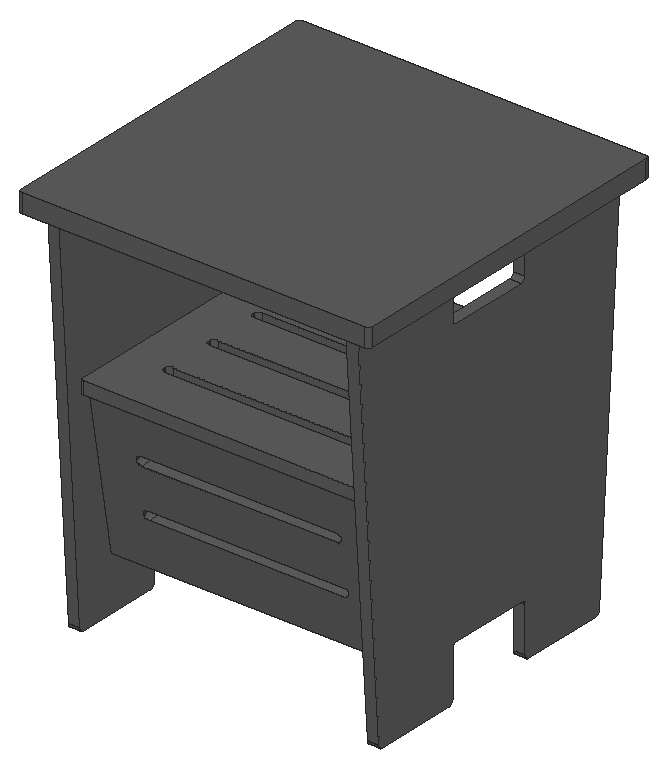
Revit family "Lollygagger Go Side Table", category Furniture, Revit 2016
Family settings
  OmniClass Number = 23.40.20.00
  OmniClass Title = General Furniture and Specialties
  Work Plane-Based = No
  Always vertical = Yes
  Cut with Voids When Loaded = No
  Shared = No
  Room Calculation Point = No
Parameters (values of type "Loll-Black")
  Width = 1' - 7 1/4"  # constant formula
  URL = "https://lolldesigns.com/"
  Type Image = go_side table.jpg
  Thick = 0' - 1"  # constant formula
  Model = ""
  Manufacturer = "Loll"  # constant formula
  Length = 1' - 7 1/4"  # constant formula
  Height Top = 1' - 10"  # constant formula
  Finish Material = Loll-Black
  Apron = 1' - 6"  # constant formula
Types (11): name | Finish Material
  Loll-Black | Loll-Black
  Loll-Sunset | Loll-Sunset
  Loll-Chocolate | Loll-Chocolate
  Loll-Sky | Loll-Sky
  Loll-Apple | Loll-Apple
  Loll-Leaf | Loll-Leaf
  Loll-Evergreen | Loll-Evergreen
  Loll-Charcoal | Loll-Charcoal
  Loll-Sand | Loll-Sand
  Loll-Navy Blue | Loll-Navy Blue
  Loll-White | Loll-White
Reference planes (in)
  plane 1 "Center Front/Back": y = 0
  plane 2: z = 0
  plane 3 "Center Left/Right": x = 0
  plane 4: z = 22
  plane 5: z = 21
  plane 6: y = 9.625
  plane 7: y = -9.625
  plane 8: z = 3
  plane 9: x = -9.625
  plane 10: x = 9.625
  plane 11: y = 7.625
  plane 12: y = -7.625
  plane 13: x = 8.5
  plane 14: x = 7.875
  plane 15: x = -8.5
  plane 16: x = -7.875
  plane 17: z = 12.48438
  plane 18: z = 11.82938
Forms (in)
  Extrusion 1, solid, material "Loll-Black" <- "Finish Material"
    sketch origin (8.0625, 0.28155, 0) x (1, 0, 0) y (0, 1, 0)
      loop
        arc (-17.4383, 9.34345) -> (-17.61451, 9.27046) -> (-17.6875, 9.09425) r 0.2492
        line (-17.6875, 9.09425) -> (-17.6875, -9.65928)
        arc (-17.6875, -9.65928) -> (-17.61508, -9.83412) -> (-17.44023, -9.90655) r 0.24727
        line (-17.44023, -9.90655) -> (1.31523, -9.90655)
        arc (1.31523, -9.90655) -> (1.49008, -9.83412) -> (1.5625, -9.65928) r 0.24727
        line (1.5625, -9.65928) -> (1.5625, 9.09425)
        arc (1.5625, 9.09425) -> (1.48951, 9.27046) -> (1.3133, 9.34345) r 0.2492
        line (1.3133, 9.34345) -> (-17.4383, 9.34345)
    from 21 to 22
  Extrusion 2, solid, material "Loll-Black" <- "Finish Material"
    sketch origin (0, 0, 0) x (0, 1, 0) y (0, 0, 1)
      loop
        arc (2.24379, 3) -> (2.42496, 2.92496) -> (2.5, 2.74379) r 0.25621
        line (2.5, 2.74379) -> (2.5, 0.25097)
        arc (2.5, 0.25097) -> (2.57351, 0.07351) -> (2.75097, 0) r 0.25097
        line (2.75097, 0) -> (7.29841, 0)
        arc (7.29841, 0) -> (7.46891, 0.06716) -> (7.5478, 0.23256) r 0.25
        line (7.5478, 0.23256) -> (9, 21) -> (2.5, 21) -> (2.5, 18.875)
        arc (2.5, 18.875) -> (2.42678, 18.69822) -> (2.25, 18.625) r 0.25
        line (2.25, 18.625) -> (-2.25, 18.625)
        arc (-2.25, 18.625) -> (-2.42678, 18.69822) -> (-2.5, 18.875) r 0.25
        line (-2.5, 18.875) -> (-2.5, 21) -> (-9, 21) -> (-7.5478, 0.23256)
        arc (-7.5478, 0.23256) -> (-7.46891, 0.06716) -> (-7.29841, 0) r 0.25
        line (-7.29841, 0) -> (-2.74822, 0)
        arc (-2.74822, 0) -> (-2.5727, 0.0727) -> (-2.5, 0.24822) r 0.24822
        line (-2.5, 0.24822) -> (-2.5, 2.75027)
        arc (-2.5, 2.75027) -> (-2.42686, 2.92686) -> (-2.25027, 3) r 0.24973
        line (-2.25027, 3) -> (2.24379, 3)
    from 7.875 to 8.5
  Extrusion 3, solid, material "Loll-Black" <- "Finish Material"
    sketch origin (-10.5, 0, 0) x (0, 1, 0) y (0, 0, 1)
      loop
        arc (2.25, 3) -> (2.42678, 2.92678) -> (2.5, 2.75) r 0.25
        line (2.5, 2.75) -> (2.5, 0.25)
        arc (2.5, 0.25) -> (2.57322, 0.07322) -> (2.75, 0) r 0.25
        line (2.75, 0) -> (7.29841, 0)
        arc (7.29841, 0) -> (7.46891, 0.06716) -> (7.5478, 0.23256) r 0.25
        line (7.5478, 0.23256) -> (9, 21) -> (2.5, 21) -> (2.5, 18.875)
        arc (2.5, 18.875) -> (2.42678, 18.69822) -> (2.25, 18.625) r 0.25
        line (2.25, 18.625) -> (-2.25, 18.625)
        arc (-2.25, 18.625) -> (-2.42678, 18.69822) -> (-2.5, 18.875) r 0.25
        line (-2.5, 18.875) -> (-2.5, 21) -> (-9, 21) -> (-7.5478, 0.23256)
        arc (-7.5478, 0.23256) -> (-7.46891, 0.06716) -> (-7.29841, 0) r 0.25
        line (-7.29841, 0) -> (-2.75, 0)
        arc (-2.75, 0) -> (-2.57322, 0.07322) -> (-2.5, 0.25) r 0.25
        line (-2.5, 0.25) -> (-2.5, 2.75)
        arc (-2.5, 2.75) -> (-2.42678, 2.92678) -> (-2.25, 3) r 0.25
        line (-2.25, 3) -> (2.25, 3)
    from 2 to 2.625
  Extrusion 4, solid, material "Loll-Black" <- "Finish Material"
    sketch origin (21.6575, -6.84345, 0) x (1, 0, 0) y (0, 1, 0)
      loop
        arc (-29.2833, 14.46845) -> (-29.45951, 14.39546) -> (-29.5325, 14.21925) r 0.2492
        line (-29.5325, 14.21925) -> (-29.5325, -0.53428)
        arc (-29.5325, -0.53428) -> (-29.46008, -0.70912) -> (-29.28523, -0.78155) r 0.24727
        line (-29.28523, -0.78155) -> (-14.02977, -0.78155)
        arc (-14.02977, -0.78155) -> (-13.85492, -0.70912) -> (-13.7825, -0.53428) r 0.24727
        line (-13.7825, -0.53428) -> (-13.7825, 14.21925)
        arc (-13.7825, 14.21925) -> (-13.85549, 14.39546) -> (-14.0317, 14.46845) r 0.2492
        line (-14.0317, 14.46845) -> (-29.2833, 14.46845)
      loop
        line (-16.2825, 11.6997) -> (-27.0325, 11.6997)
        arc (-27.0325, 11.6997) -> (-27.20928, 11.62648) -> (-27.2825, 11.4497) r 0.25
        line (-27.2825, 11.4497) -> (-27.2825, 11.3872)
        arc (-27.2825, 11.3872) -> (-27.20928, 11.21042) -> (-27.0325, 11.1372) r 0.25
        line (-27.0325, 11.1372) -> (-16.2825, 11.1372)
        arc (-16.2825, 11.1372) -> (-16.10572, 11.21042) -> (-16.0325, 11.3872) r 0.25
        line (-16.0325, 11.3872) -> (-16.0325, 11.4497)
        arc (-16.0325, 11.4497) -> (-16.10572, 11.62648) -> (-16.2825, 11.6997) r 0.25
      loop
        line (-16.2825, 8.6497) -> (-27.0325, 8.6497)
        arc (-27.0325, 8.6497) -> (-27.20928, 8.57648) -> (-27.2825, 8.3997) r 0.25
        line (-27.2825, 8.3997) -> (-27.2825, 8.3372)
        arc (-27.2825, 8.3372) -> (-27.20928, 8.16042) -> (-27.0325, 8.0872) r 0.25
        line (-27.0325, 8.0872) -> (-16.2825, 8.0872)
        arc (-16.2825, 8.0872) -> (-16.10572, 8.16042) -> (-16.0325, 8.3372) r 0.25
        line (-16.0325, 8.3372) -> (-16.0325, 8.3997)
        arc (-16.0325, 8.3997) -> (-16.10572, 8.57648) -> (-16.2825, 8.6497) r 0.25
      loop
        line (-16.2825, 5.5997) -> (-27.0325, 5.5997)
        arc (-27.0325, 5.5997) -> (-27.20928, 5.52648) -> (-27.2825, 5.3497) r 0.25
        line (-27.2825, 5.3497) -> (-27.2825, 5.2872)
        arc (-27.2825, 5.2872) -> (-27.20928, 5.11042) -> (-27.0325, 5.0372) r 0.25
        line (-27.0325, 5.0372) -> (-16.2825, 5.0372)
        arc (-16.2825, 5.0372) -> (-16.10572, 5.11042) -> (-16.0325, 5.2872) r 0.25
        line (-16.0325, 5.2872) -> (-16.0325, 5.3497)
        arc (-16.0325, 5.3497) -> (-16.10572, 5.52648) -> (-16.2825, 5.5997) r 0.25
      loop
        line (-16.2825, 2.55928) -> (-27.0325, 2.55928)
        arc (-27.0325, 2.55928) -> (-27.20928, 2.48606) -> (-27.2825, 2.30928) r 0.25
        line (-27.2825, 2.30928) -> (-27.2825, 2.24678)
        arc (-27.2825, 2.24678) -> (-27.20928, 2.07) -> (-27.0325, 1.99678) r 0.25
        line (-27.0325, 1.99678) -> (-16.2825, 1.99678)
        arc (-16.2825, 1.99678) -> (-16.10572, 2.07) -> (-16.0325, 2.24678) r 0.25
        line (-16.0325, 2.24678) -> (-16.0325, 2.30928)
        arc (-16.0325, 2.30928) -> (-16.10572, 2.48606) -> (-16.2825, 2.55928) r 0.25
    from 11.82938 to 12.48438
  Extrusion 5, solid, material "Loll-Black" <- "Finish Material"
    sketch origin (-11.5, -5.46875, 16) x (-1, 0, 0) y (0, 1, 0)
      loop
        arc (-4.18699, 12.21875) -> (-5.18699, 11.21875) -> (-4.18699, 10.21875) r 1
        line (-4.18699, 10.21875) -> (-3.625, 10.21875) -> (-3.625, 12.21875) -> (-4.18699, 12.21875)
      loop
        circle (-4.56161, 11.21793) r 0.15388
    from -5 to -4.75
  Extrusion 6, solid, material "Loll-Black" <- "Finish Material"
    sketch origin (11.5, 5.46875, 16) x (1, 0, 0) y (0, -1, 0)
      loop
        arc (-4.18699, 12.21875) -> (-5.18699, 11.21875) -> (-4.18699, 10.21875) r 1
        line (-4.18699, 10.21875) -> (-3.625, 10.21875) -> (-3.625, 12.21875) -> (-4.18699, 12.21875)
      loop
        circle (-4.56347, 11.22058) r 0.15388
    from -5 to -4.75
  Extrusion 7, solid, material "Loll-Black" <- "Finish Material"
    sketch origin (11.5, -5.46875, 16) x (-1, 0, 0) y (0, 1, 0)
      loop
        line (4.18699, 12.21875) -> (3.625, 12.21875) -> (3.625, 10.21875) -> (4.18699, 10.21875)
        arc (4.18699, 10.21875) -> (5.18699, 11.21875) -> (4.18699, 12.21875) r 1
      loop
        circle (4.56161, 11.21793) r 0.15388
    from -5 to -4.75
  Extrusion 8, solid, material "Loll-Black" <- "Finish Material"
    sketch origin (0, -6.00968, 4.73437) x (0, 0.173648, -0.984808) y (-1, 0, 0)
      loop
        line (1.77346, 7.875) -> (-7.10154, 7.875) -> (-7.10154, -7.875) -> (1.77346, -7.875) -> (1.77346, 7.875)
      loop
        arc (-0.90362, 5.375) -> (-0.97685, 5.55178) -> (-1.15362, 5.625) r 0.25
        line (-1.15362, 5.625) -> (-1.19164, 5.625)
        arc (-1.19164, 5.625) -> (-1.38573, 5.54461) -> (-1.46612, 5.35052) r 0.27448
        line (-1.46612, 5.35052) -> (-1.46612, -5.375)
        arc (-1.46612, -5.375) -> (-1.3929, -5.55178) -> (-1.21612, -5.625) r 0.25
        line (-1.21612, -5.625) -> (-1.17887, -5.625)
        arc (-1.17887, -5.625) -> (-0.98424, -5.54438) -> (-0.90362, -5.34975) r 0.27525
        line (-0.90362, -5.34975) -> (-0.90362, 5.375)
      loop
        arc (-3.86196, 5.375) -> (-3.93518, 5.55178) -> (-4.11196, 5.625) r 0.25
        line (-4.11196, 5.625) -> (-4.14998, 5.625)
        arc (-4.14998, 5.625) -> (-4.34406, 5.54461) -> (-4.42446, 5.35052) r 0.27448
        line (-4.42446, 5.35052) -> (-4.42446, -5.375)
        arc (-4.42446, -5.375) -> (-4.35123, -5.55178) -> (-4.17446, -5.625) r 0.25
        line (-4.17446, -5.625) -> (-4.1372, -5.625)
        arc (-4.1372, -5.625) -> (-3.94257, -5.54438) -> (-3.86196, -5.34975) r 0.27525
        line (-3.86196, -5.34975) -> (-3.86196, 5.375)
    from 0.86824 to 0.24324
  Extrusion 9, solid, material "Loll-Black" <- "Finish Material"
    sketch origin (0, 6.00968, 4.73437) x (0, -0.173648, -0.984808) y (1, 0, 0)
      loop
        line (1.77346, -7.875) -> (1.77346, 7.875) -> (-7.10154, 7.875) -> (-7.10154, -7.875) -> (1.77346, -7.875)
      loop
        line (-4.42446, 5.34536) -> (-4.42446, -5.375)
        arc (-4.42446, -5.375) -> (-4.35123, -5.55178) -> (-4.17446, -5.625) r 0.25
        line (-4.17446, -5.625) -> (-4.11196, -5.625)
        arc (-4.11196, -5.625) -> (-3.93518, -5.55178) -> (-3.86196, -5.375) r 0.25
        line (-3.86196, -5.375) -> (-3.86196, 5.375)
        arc (-3.86196, 5.375) -> (-3.93518, 5.55178) -> (-4.11196, 5.625) r 0.25
        line (-4.11196, 5.625) -> (-4.14481, 5.625)
        arc (-4.14481, 5.625) -> (-4.34255, 5.54309) -> (-4.42446, 5.34536) r 0.27964
      loop
        line (-1.46852, 5.34701) -> (-1.46852, -5.375)
        arc (-1.46852, -5.375) -> (-1.39529, -5.55178) -> (-1.21852, -5.625) r 0.25
        line (-1.21852, -5.625) -> (-1.15362, -5.625)
        arc (-1.15362, -5.625) -> (-0.97685, -5.55178) -> (-0.90362, -5.375) r 0.25
        line (-0.90362, -5.375) -> (-0.90362, 5.41638)
        arc (-0.90362, 5.41638) -> (-0.96472, 5.5639) -> (-1.11224, 5.625) r 0.20862
        line (-1.11224, 5.625) -> (-1.19052, 5.625)
        arc (-1.19052, 5.625) -> (-1.38709, 5.54358) -> (-1.46852, 5.34701) r 0.27799
    from 0.86824 to 0.24324
  Extrusion 10, solid, material "Loll-Black" <- "Finish Material"
    sketch origin (-7.875, -1.06643, 7.03609) x (0, -0.173648, -0.984808) y (0, 0.984808, -0.173648)
      loop
        line (-0.93855, 6.50005) -> (-0.93855, 5.95134)
        arc (-0.93855, 5.95134) -> (0.06145, 4.95134) -> (1.06145, 5.95134) r 1
        line (1.06145, 5.95134) -> (1.06145, 6.50005) -> (-0.93855, 6.50005)
      loop
        circle (0.06071, 5.57817) r 0.15567
    from 0 to 0.625
  Extrusion 11, solid, material "Loll-Black" <- "Finish Material"
    sketch origin (-7.875, 1.09361, 7.04088) x (0, 0.173648, -0.984808) y (0, 0.984808, 0.173648)
      loop
        line (-0.93855, -6.50005) -> (1.06145, -6.50005) -> (1.06145, -5.95134)
        arc (1.06145, -5.95134) -> (0.06145, -4.95134) -> (-0.93855, -5.95134) r 1
        line (-0.93855, -5.95134) -> (-0.93855, -6.50005)
      loop
        circle (0.06071, -5.57817) r 0.15567
    from 0 to 0.625
  Extrusion 12, solid, material "Loll-Black" <- "Finish Material"
    sketch origin (18.25, 8.65853, 5.85064) x (0, 1, 0) y (0, 0, -1)
      loop
        line (-5.90853, -5.97874) -> (-3.90853, -5.97874) -> (-3.90853, -5.43003)
        arc (-3.90853, -5.43003) -> (-4.90853, -4.43003) -> (-5.90853, -5.43003) r 1
        line (-5.90853, -5.43003) -> (-5.90853, -5.97874)
      loop
        circle (-4.90927, -5.05685) r 0.15567
    from 10.375 to 11
  Extrusion 13, solid, material "Loll-Black" <- "Finish Material"
    sketch origin (-11.5, 5.46875, 16) x (1, 0, 0) y (0, -1, 0)
      loop
        line (4.18699, 12.21875) -> (3.625, 12.21875) -> (3.625, 10.21875) -> (4.18699, 10.21875)
        arc (4.18699, 10.21875) -> (5.18699, 11.21875) -> (4.18699, 12.21875) r 1
      loop
        circle (4.56161, 11.21793) r 0.15388
    from -5 to -4.75
  Extrusion 14, solid, material "Loll-Black" <- "Finish Material"
    sketch origin (18.25, 1.15853, 5.85064) x (0, 1, 0) y (0, 0, -1)
      loop
        line (-5.90853, -5.97874) -> (-3.90853, -5.97874) -> (-3.90853, -5.43003)
        arc (-3.90853, -5.43003) -> (-4.90853, -4.43003) -> (-5.90853, -5.43003) r 1
        line (-5.90853, -5.43003) -> (-5.90853, -5.97874)
      loop
        circle (-4.90927, -5.05685) r 0.15567
    from 10.375 to 11
  Extrusion 15, solid, material "Loll-Black" <- "Finish Material"
    sketch origin (-18.25, 8.65853, 5.85064) x (0, 1, 0) y (0, 0, 1)
      loop
        line (-5.90853, 5.97874) -> (-5.90853, 5.43003)
        arc (-5.90853, 5.43003) -> (-4.90853, 4.43003) -> (-3.90853, 5.43003) r 1
        line (-3.90853, 5.43003) -> (-3.90853, 5.97874) -> (-5.90853, 5.97874)
      loop
        circle (-4.90927, 5.05685) r 0.15567
    from 10.375 to 11
  Extrusion 16, solid, material "Loll-Black" <- "Finish Material"
    sketch origin (-18.25, 1.15853, 5.85064) x (0, 1, 0) y (0, 0, 1)
      loop
        line (-5.90853, 5.97874) -> (-5.90853, 5.43003)
        arc (-5.90853, 5.43003) -> (-4.90853, 4.43003) -> (-3.90853, 5.43003) r 1
        line (-3.90853, 5.43003) -> (-3.90853, 5.97874) -> (-5.90853, 5.97874)
      loop
        circle (-4.90927, 5.05685) r 0.15567
    from 10.375 to 11
  Extrusion 17, solid, material "Loll-Black" <- "Finish Material"
    sketch origin (7.875, -1.06643, 7.03609) x (0, -0.173648, -0.984808) y (0, -0.984808, 0.173648)
      loop
        line (-0.93855, -6.50005) -> (1.06145, -6.50005) -> (1.06145, -5.95134)
        arc (1.06145, -5.95134) -> (0.06145, -4.95134) -> (-0.93855, -5.95134) r 1
        line (-0.93855, -5.95134) -> (-0.93855, -6.50005)
      loop
        circle (0.06071, -5.57817) r 0.15567
    from 0 to 0.625
  Extrusion 18, solid, material "Loll-Black" <- "Finish Material"
    sketch origin (7.875, 1.09361, 7.04088) x (0, 0.173648, -0.984808) y (0, -0.984808, -0.173648)
      loop
        line (-0.93855, 6.50005) -> (-0.93855, 5.95134)
        arc (-0.93855, 5.95134) -> (0.06145, 4.95134) -> (1.06145, 5.95134) r 1
        line (1.06145, 5.95134) -> (1.06145, 6.50005) -> (-0.93855, 6.50005)
      loop
        circle (0.06071, 5.57817) r 0.15567
    from 0 to 0.625
Lines and regions (in)
  Masking region 1
    outline origin (0, 0, 0) x (1, 0, 0) y (0, 0, 1)
      loop
        line (9.625, 22) -> (-9.625, 22) -> (-9.625, 21) -> (9.625, 21) -> (9.625, 22)
      loop
        line (-7.875, 11.82938) -> (7.875, 11.82938) -> (7.875, 12.48438) -> (-7.875, 12.48438) -> (-7.875, 11.82938)
  Masking region 2
    outline origin (0, 0, 0) x (0, 1, 0) y (0, 0, 1)
      loop
        line (9.625, 22) -> (-9.625, 22) -> (-9.625, 21) -> (9.625, 21) -> (9.625, 22)
  Masking region 3
    outline origin (0, 0, 0) x (0, 1, 0) y (0, 0, 1)
      loop
        line (-7.29841, 0) -> (-2.75, 0)
        arc (-2.75, 0) -> (-2.57322, 0.07322) -> (-2.5, 0.25) r 0.25
        line (-2.5, 0.25) -> (-2.5, 2.75)
        arc (-2.5, 2.75) -> (-2.42678, 2.92678) -> (-2.25, 3) r 0.25
        line (-2.25, 3) -> (2.25, 3)
        arc (2.25, 3) -> (2.42678, 2.92678) -> (2.5, 2.75) r 0.25
        line (2.5, 2.75) -> (2.5, 0.25)
        arc (2.5, 0.25) -> (2.57322, 0.07322) -> (2.75, 0) r 0.25
        line (2.75, 0) -> (7.29841, 0)
        arc (7.29841, 0) -> (7.46891, 0.06716) -> (7.5478, 0.23256) r 0.25
        line (7.5478, 0.23256) -> (9, 21) -> (2.5, 21) -> (2.5, 18.875)
        arc (2.5, 18.875) -> (2.42678, 18.69822) -> (2.25, 18.625) r 0.25
        line (2.25, 18.625) -> (-2.25, 18.625)
        arc (-2.25, 18.625) -> (-2.42678, 18.69822) -> (-2.5, 18.875) r 0.25
        line (-2.5, 18.875) -> (-2.5, 21) -> (-9, 21) -> (-7.5478, 0.23256)
        arc (-7.5478, 0.23256) -> (-7.46891, 0.06716) -> (-7.29841, 0) r 0.25
  Masking region 4
    outline origin (0, 0, 0) x (1, 0, 0) y (0, 1, 0)
      loop
        arc (9.625, 9.3758) -> (9.55201, 9.55201) -> (9.3758, 9.625) r 0.2492
        line (9.3758, 9.625) -> (-9.3758, 9.625)
        arc (-9.3758, 9.625) -> (-9.55201, 9.55201) -> (-9.625, 9.3758) r 0.2492
        line (-9.625, 9.3758) -> (-9.625, -9.37773)
        arc (-9.625, -9.37773) -> (-9.55258, -9.55258) -> (-9.37773, -9.625) r 0.24727
        line (-9.37773, -9.625) -> (9.37773, -9.625)
        arc (9.37773, -9.625) -> (9.55258, -9.55258) -> (9.625, -9.37773) r 0.24727
        line (9.625, -9.37773) -> (9.625, 9.3758)
  Masking region 5
    outline origin (0, 0, 0) x (1, 0, 0) y (0, 0, 1)
      loop
        line (6.31301, 21) -> (6.31301, 20.75) -> (7.875, 20.75) -> (7.875, 0) -> (8.5, 0) -> (8.5, 21) -> (6.31301, 21)
      loop
        line (-6.31301, 21) -> (-8.5, 21) -> (-8.5, 0) -> (-7.875, 0) -> (-7.875, 20.75) -> (-6.31301, 20.75) -> (-6.31301, 21)
  Masking region 6
    outline origin (0, 0, 0) x (1, 0, 0) y (0, 0, 1)
      loop
        line (-7.875, 3.03009) -> (7.875, 3.03009) -> (7.875, 11.82938) -> (-7.875, 11.82938) -> (-7.875, 3.03009)
      loop
        spline (5.34975, 5.77504) -> (5.38159, 5.77686) -> (5.41301, 5.78229) -> (5.44357, 5.79127) -> (5.47287, 5.80367) -> (5.50052, 5.81932) -> (5.52615, 5.83802) -> (5.54941, 5.85951) -> (5.56999, 5.88351) -> (5.58761, 5.90969) -> (5.60203, 5.9377) -> (5.61307, 5.96717) -> (5.62058, 5.9977)
        spline (5.62058, 5.9977) -> (5.61389, 6.02568) -> (5.60425, 6.05282) -> (5.59178, 6.07882) -> (5.57661, 6.10339) -> (5.55891, 6.12625) -> (5.53887, 6.14716) -> (5.51671, 6.16588) -> (5.49269, 6.18222) -> (5.46705, 6.19598) -> (5.44009, 6.20701) -> (5.41211, 6.2152) -> (5.3834, 6.22046)
        line (5.3834, 6.22046) -> (-5.40951, 6.22046)
        spline (-5.40951, 6.22046) -> (-5.43692, 6.21515) -> (-5.46355, 6.20685) -> (-5.48908, 6.19569) -> (-5.51319, 6.18179) -> (-5.53557, 6.16532) -> (-5.55594, 6.1465) -> (-5.57406, 6.12556) -> (-5.58969, 6.10276) -> (-5.60264, 6.07839) -> (-5.61275, 6.05274) -> (-5.61989, 6.02614) -> (-5.62397, 5.99893)
        spline (-5.62397, 5.99893) -> (-5.61929, 5.96893) -> (-5.6109, 5.93973) -> (-5.59893, 5.91177) -> (-5.58355, 5.88547) -> (-5.56501, 5.86123) -> (-5.54358, 5.83943) -> (-5.51958, 5.82039) -> (-5.49339, 5.8044) -> (-5.46541, 5.7917) -> (-5.43605, 5.78249) -> (-5.40576, 5.77691) -> (-5.375, 5.77504)
        line (-5.375, 5.77504) -> (5.34975, 5.77504)
      loop
        spline (-5.375, 9.14456) -> (-5.40583, 9.14264) -> (-5.43619, 9.13692) -> (-5.46561, 9.12747) -> (-5.49365, 9.11445) -> (-5.51988, 9.09806) -> (-5.5439, 9.07854) -> (-5.56534, 9.05619) -> (-5.58388, 9.03135) -> (-5.59922, 9.00441) -> (-5.61115, 8.97577) -> (-5.61946, 8.94587) -> (-5.62405, 8.91516)
        spline (-5.62405, 8.91516) -> (-5.61946, 8.88482) -> (-5.61115, 8.85526) -> (-5.59922, 8.82695) -> (-5.58388, 8.80032) -> (-5.56534, 8.77577) -> (-5.5439, 8.75368) -> (-5.51988, 8.73439) -> (-5.49365, 8.71818) -> (-5.46561, 8.70531) -> (-5.43619, 8.69598) -> (-5.40583, 8.69032) -> (-5.375, 8.68843)
        line (-5.375, 8.68843) -> (5.40672, 8.68843)
        spline (5.40672, 8.68843) -> (5.43672, 8.69657) -> (5.46559, 8.70801) -> (5.49296, 8.7226) -> (5.5185, 8.74017) -> (5.54186, 8.76047) -> (5.56275, 8.78326) -> (5.5809, 8.80824) -> (5.59608, 8.83508) -> (5.60809, 8.86345) -> (5.61678, 8.89299) -> (5.62204, 8.9233) -> (5.6238, 8.95401)
        spline (5.6238, 8.95401) -> (5.61655, 8.98025) -> (5.60614, 9.00553) -> (5.59272, 9.02954) -> (5.57647, 9.05195) -> (5.55759, 9.07247) -> (5.53634, 9.09083) -> (5.513, 9.10679) -> (5.48786, 9.12015) -> (5.46125, 9.13072) -> (5.43354, 9.13838) -> (5.40507, 9.14301) -> (5.37623, 9.14456)
        line (5.37623, 9.14456) -> (-5.375, 9.14456)
  symbolic lines
    curve 1: line (0, 7.625, 21) -> (0, -7.625, 21)
Dimensions and locks (in)
  "Height Top": plane 4 to level
  "Thick": plane 4 to plane 5
  "Width": plane 6 to plane 7
  equal spacing: plane 7, plane 1 "Center Front/Back", plane 6
  "Apron": plane 8 to plane 5
  plane 7 to plane 12 = 0' - 2"
  plane 11 to plane 6 = 0' - 2"
  equal spacing: plane 9, plane 3 "Center Left/Right", plane 10
  locked: plane 13 to plane 14 at 0.625
  locked: plane 10 to plane 13 at 1.125
  locked: plane 15 to plane 9 at 1.125
  locked: plane 15 to plane 16 at 0.625
  plane 18 to level = 0' - 11.82938"
  plane 17 to plane 18 = 0' - 0.655"
  locked: Extrusion 12 to plane 14 at 0.625
  "Length": plane 9 to plane 10
  aligned and locked: level to plane 2
  aligned and locked: Extrusion 1 to plane 7
  aligned and locked: plane 10 to Extrusion 1
  aligned and locked: plane 6 to Extrusion 1
  aligned and locked: plane 8 to Extrusion 2 sketch curve
  aligned and locked: Extrusion 2 sketch curve to plane 5
  aligned and locked: Extrusion 2 to plane 14
  aligned and locked: plane 13 to Extrusion 2
  aligned and locked: Masking region 1 sketch curve to Extrusion 1
  aligned and locked: Masking region 2 sketch curve to Extrusion 1
  aligned and locked: curve 1 to plane 5
  aligned and locked: plane 15 to Extrusion 3
  aligned and locked: Extrusion 3 to plane 16
  aligned and locked: plane 4 to Extrusion 1
  aligned and locked: Extrusion 1 to plane 5
  aligned and locked: Extrusion 3 sketch curve to level  (x2)
  aligned and locked: Extrusion 2 sketch curve to level
  aligned and locked: Masking region 3 sketch curve to plane 8
  aligned and locked: Extrusion 2 sketch curve to Extrusion 3  (x2)
  aligned and locked: Extrusion 3 to plane 8
  aligned and locked: Masking region 4 sketch curve to plane 10
  aligned and locked: Masking region 4 sketch curve to Extrusion 1  (x2)
  aligned and locked: Masking region 2 to plane 5
  aligned and locked: plane 14 to Masking region 1 sketch curve
  aligned and locked: Extrusion 4 to plane 18
  aligned and locked: plane 17 to Extrusion 4
  aligned and locked: plane 11 to Extrusion 4
  aligned and locked: plane 12 to Extrusion 4
  aligned and locked: Extrusion 4 to Masking region 1
  aligned and locked: Extrusion 4 to Extrusion 2
  aligned and locked: plane 14 to Extrusion 7
  aligned and locked: plane 14 to Extrusion 6
  aligned and locked: plane 16 to Extrusion 5
  aligned and locked: plane 5 to Extrusion 5
  aligned and locked: plane 5 to Extrusion 7
  aligned and locked: plane 5 to Extrusion 6
  aligned and locked: Extrusion 8 sketch curve to plane 14
  aligned and locked: Extrusion 8 sketch curve to plane 16
  aligned and locked: plane 14 to Extrusion 9
  aligned and locked: plane 16 to Extrusion 9
  aligned and locked: plane 16 to Extrusion 10
  aligned and locked: plane 14 to Extrusion 12
  aligned and locked: plane 5 to Extrusion 2
  aligned and locked: plane 5 to Extrusion 3  (x2)
  aligned and locked: plane 2 to Masking region 3  (x2)
  aligned and locked: Masking region 3 to plane 5  (x2)
  aligned and locked: plane 16 to Extrusion 13
  aligned and locked: plane 5 to Extrusion 13
  aligned and locked: Masking region 5 sketch curve to plane 5
  aligned and locked: Masking region 5 sketch curve to plane 14
  aligned and locked: Masking region 5 sketch curve to plane 13
  aligned and locked: level to Masking region 5 sketch curve
  aligned and locked: plane 15 to Masking region 5 sketch curve
  aligned and locked: plane 5 to Masking region 5 sketch curve
  aligned and locked: plane 16 to Masking region 5 sketch curve
  aligned and locked: Masking region 5 sketch curve to plane 2
  aligned and locked: plane 18 to Masking region 6 sketch curve
  aligned and locked: plane 16 to Masking region 6 sketch curve
  aligned and locked: plane 14 to Masking region 6 sketch curve
  aligned and locked: plane 14 to Extrusion 14
  aligned and locked: plane 14 to Extrusion 18
  aligned and locked: plane 14 to Extrusion 17
Automatic sketch dimensions
  curve 1 to plane 12 = 0' - 0"
  curve 1 to plane 11 = 0' - 0"
  Extrusion 1 sketch curve to plane 9 = 0' - 0"
  Extrusion 1 sketch curve to plane 7 = 0' - 0"
  Extrusion 1 sketch curve to plane 6 = 0' - 0"
  Extrusion 1 sketch curve to plane 10 = 0' - 0"
  plane 9 to Extrusion 1 sketch curve = 0' - 0.24727"
  Extrusion 1 sketch curve to Extrusion 1 sketch curve = 0' - 0.2492"
  Extrusion 1 sketch curve to plane 10 = 0' - 0.2492"
  Extrusion 1 sketch curve to plane 10 = 0' - 0.24727"
  Extrusion 2 sketch curve to plane 5 = 0' - 0"
  Extrusion 2 sketch curve to level = 0' - 0"
  Extrusion 2 sketch curve to Extrusion 2 sketch curve = 0' - 0.24822"
  Extrusion 2 sketch curve to plane 12 = 0' - 0.32659"
  Extrusion 2 sketch curve to plane 12 = 0' - 0.0772"
  plane 7 to Extrusion 2 sketch curve = 0' - 0 5/8"
  plane 1 "Center Front/Back" to Extrusion 2 sketch curve = 0' - 2 1/2"
  Extrusion 2 sketch curve to Extrusion 2 sketch curve = 0' - 0.24973"
  Extrusion 2 sketch curve to Extrusion 2 sketch curve = 0' - 0 1/4"  (x2)
  Extrusion 2 sketch curve to plane 8 = 0' - 0.25621"
  Extrusion 2 sketch curve to plane 1 "Center Front/Back" = 0' - 2 1/4"
  Extrusion 2 sketch curve to Extrusion 2 sketch curve = 0' - 0.25097"
  Extrusion 2 sketch curve to plane 11 = 0' - 0.32659"
  Extrusion 2 sketch curve to plane 11 = 0' - 0.0772"
  Extrusion 2 sketch curve to plane 6 = 0' - 0 5/8"
  level to Extrusion 2 sketch curve = 0' - 0.23256"  (x2)
  Extrusion 2 sketch curve to plane 5 = 0' - 2 3/8"
  Masking region 1 sketch curve to plane 5 = 0' - 0"
  Masking region 1 sketch curve to plane 9 = 0' - 0"
  plane 16 to Masking region 1 sketch curve = 0' - 0"
  Masking region 1 sketch curve to plane 18 = 0' - 0"
  Masking region 1 sketch curve to plane 17 = 0' - 0"
  Masking region 1 sketch curve to plane 4 = 0' - 0"
  Masking region 2 sketch curve to plane 4 = 0' - 0"
  Masking region 2 sketch curve to plane 7 = 0' - 0"
  Masking region 2 sketch curve to plane 5 = 0' - 0"
  Extrusion 3 sketch curve to plane 5 = 0' - 0"  (x2)
  Extrusion 3 sketch curve to plane 8 = 0' - 0"
  plane 7 to Extrusion 3 sketch curve = 0' - 0 5/8"
  Extrusion 3 sketch curve to plane 12 = 0' - 0.0772"
  Extrusion 3 sketch curve to plane 12 = 0' - 0.32659"
  level to Extrusion 3 sketch curve = 0' - 0 1/4"
  plane 1 "Center Front/Back" to Extrusion 3 sketch curve = 0' - 2 3/4"
  plane 1 "Center Front/Back" to Extrusion 3 sketch curve = 0' - 2 1/2"
  Extrusion 3 sketch curve to Extrusion 3 sketch curve = 0' - 0 1/4"  (x4)
  Extrusion 3 sketch curve to plane 8 = 0' - 0 1/4"
  Extrusion 3 sketch curve to plane 1 "Center Front/Back" = 0' - 2 1/4"  (x2)
  Extrusion 3 sketch curve to plane 11 = 0' - 0.32659"
  Extrusion 3 sketch curve to plane 11 = 0' - 0.0772"
  Extrusion 3 sketch curve to plane 6 = 0' - 0 5/8"
  level to Extrusion 3 sketch curve = 0' - 0.23256"  (x2)
  Extrusion 3 sketch curve to plane 5 = 0' - 2 3/8"
  Masking region 3 sketch curve to plane 5 = 0' - 0"  (x2)
  Masking region 3 sketch curve to level = 0' - 0"  (x2)
  plane 7 to Masking region 3 sketch curve = 0' - 0 5/8"
  Masking region 3 sketch curve to plane 12 = 0' - 0.0772"
  Masking region 3 sketch curve to Masking region 3 sketch curve = 0' - 0.24939"
  plane 1 "Center Front/Back" to Masking region 3 sketch curve = 0' - 2 3/4"
  plane 1 "Center Front/Back" to Masking region 3 sketch curve = 0' - 2 1/2"
  level to Masking region 3 sketch curve = 0' - 0 1/4"  (x2)
  Masking region 3 sketch curve to Masking region 3 sketch curve = 0' - 0 1/4"  (x3)
  Masking region 3 sketch curve to plane 8 = 0' - 0 1/4"
  Masking region 3 sketch curve to plane 1 "Center Front/Back" = 0' - 2 1/4"  (x2)
  Masking region 3 sketch curve to plane 11 = 0' - 0.32659"
  Masking region 3 sketch curve to plane 11 = 0' - 0.0772"
  Masking region 3 sketch curve to plane 6 = 0' - 0 5/8"
  level to Masking region 3 sketch curve = 0' - 0.23256"  (x2)
  Masking region 3 sketch curve to plane 5 = 0' - 2 3/8"
  Masking region 4 sketch curve to plane 10 = 0' - 0.2492"
  Masking region 4 sketch curve to Masking region 4 sketch curve = 0' - 0.24727"
  Extrusion 4 sketch curve to plane 16 = 0' - 0"
  plane 12 to Extrusion 4 sketch curve = 0' - 0"
  Extrusion 4 sketch curve to plane 11 = 0' - 0"
  Extrusion 4 sketch curve to plane 14 = 0' - 0"
  Extrusion 4 sketch curve to plane 16 = 0' - 0.24727"
  Extrusion 4 sketch curve to Extrusion 4 sketch curve = 0' - 0.2492"
  Extrusion 4 sketch curve to plane 16 = 0' - 2 1/4"  (x4)
  Extrusion 4 sketch curve to Extrusion 4 sketch curve = 0' - 0 1/4"  (x8)
  Extrusion 4 sketch curve to Extrusion 4 sketch curve = 0' - 0"  (x9)
  Extrusion 4 sketch curve to plane 14 = 0' - 2 1/2"  (x3)
  Extrusion 4 sketch curve to plane 1 "Center Front/Back" = 0' - 1.24375"
  Extrusion 4 sketch curve to plane 14 = 0' - 0.2492"
  Extrusion 4 sketch curve to plane 14 = 0' - 0.24727"
  Extrusion 4 sketch curve to plane 12 = 0' - 2.77833"
  Extrusion 4 sketch curve to Extrusion 4 sketch curve = 0' - 0 1/16"  (x4)
  plane 1 "Center Front/Back" to Extrusion 4 sketch curve = 0' - 1.80625"
  Extrusion 4 sketch curve to Extrusion 4 sketch curve = 0' - 2.4875"
  Extrusion 5 sketch curve to plane 16 = 0' - 0"
  Extrusion 5 sketch curve to Extrusion 5 sketch curve = 0' - 0.56199"
  Extrusion 5 sketch curve to Extrusion 5 sketch curve = 0' - 0.37463"
  Extrusion 5 sketch curve to plane 11 = 0' - 0 7/8"
  Extrusion 5 sketch curve to Extrusion 5 sketch curve = 0' - 1"
  Extrusion 5 sketch curve to Extrusion 5 sketch curve = 0' - 0.00082"
  Extrusion 6 sketch curve to plane 14 = 0' - 0"
  Extrusion 6 sketch curve to plane 14 = 0' - 0.56199"
  Extrusion 6 sketch curve to Extrusion 6 sketch curve = 0' - 0.37649"
  Extrusion 6 sketch curve to plane 12 = 0' - 0 7/8"
  Extrusion 6 sketch curve to Extrusion 6 sketch curve = 0' - 0.99817"
  Extrusion 6 sketch curve to Extrusion 6 sketch curve = 0' - 0.00183"
  Extrusion 7 sketch curve to plane 14 = 0' - 0"
  Extrusion 7 sketch curve to Extrusion 7 sketch curve = 0' - 0.56199"
  Extrusion 7 sketch curve to Extrusion 7 sketch curve = 0' - 0.37463"
  Extrusion 7 sketch curve to plane 11 = 0' - 0 7/8"
  Extrusion 7 sketch curve to Extrusion 7 sketch curve = 0' - 1"
  Extrusion 7 sketch curve to Extrusion 7 sketch curve = 0' - 0.00082"
  Extrusion 8 sketch curve to Extrusion 8 sketch curve = 0' - 2.67708"  (x2)
  Extrusion 8 sketch curve to Extrusion 8 sketch curve = 0' - 0 1/4"  (x2)
  Extrusion 8 sketch curve to Extrusion 8 sketch curve = 0' - 0.27448"  (x2)
  Extrusion 8 sketch curve to Extrusion 8 sketch curve = 0' - 0.03725"  (x2)
  Extrusion 8 sketch curve to Extrusion 8 sketch curve = 0' - 0.03802"  (x2)
  Extrusion 8 sketch curve to Extrusion 8 sketch curve = 0' - 0.27525"  (x2)
  Extrusion 8 sketch curve to Extrusion 8 sketch curve = 0' - 2.39583"
  Extrusion 8 sketch curve to plane 14 = 0' - 2 1/4"  (x2)
  Extrusion 8 sketch curve to plane 16 = 0' - 2.52448"  (x2)
  Extrusion 9 sketch curve to plane 16 = 0' - 0"
  Extrusion 9 sketch curve to plane 14 = 0' - 0"
  Extrusion 9 sketch curve to Extrusion 9 sketch curve = 0' - 2.67708"  (x2)
  Extrusion 9 sketch curve to Extrusion 9 sketch curve = 0' - 0 1/4"  (x3)
  Extrusion 9 sketch curve to Extrusion 9 sketch curve = 0' - 0.27964"
  Extrusion 9 sketch curve to Extrusion 9 sketch curve = 0' - 0 1/16"
  Extrusion 9 sketch curve to Extrusion 9 sketch curve = 0' - 0.03286"
  Extrusion 9 sketch curve to Extrusion 9 sketch curve = 0' - 2.39344"
  Extrusion 9 sketch curve to Extrusion 9 sketch curve = 0' - 0.27799"
  Extrusion 9 sketch curve to Extrusion 9 sketch curve = 0' - 0.06489"
  Extrusion 9 sketch curve to Extrusion 9 sketch curve = 0' - 0.07829"
  Extrusion 9 sketch curve to Extrusion 9 sketch curve = 0' - 0.20862"
  Extrusion 9 sketch curve to plane 16 = 0' - 2 1/4"  (x2)
  Extrusion 9 sketch curve to plane 14 = 0' - 2.52964"
  Extrusion 9 sketch curve to plane 14 = 0' - 2.52799"
  Extrusion 10 sketch curve to Extrusion 3 = 0' - 3.92694"
  Extrusion 10 sketch curve to Extrusion 3 = 0' - 2.45748"
  Extrusion 10 sketch curve to Extrusion 10 sketch curve = 0' - 0.99926"
  Extrusion 10 sketch curve to Extrusion 10 sketch curve = 0' - 0.00074"
  Extrusion 10 sketch curve to Extrusion 10 sketch curve = 0' - 0.37318"
  Extrusion 10 sketch curve to Extrusion 10 sketch curve = 0' - 0.54871"
  Extrusion 11 sketch curve to Extrusion 3 = 0' - 3.93173"
  Extrusion 11 sketch curve to Extrusion 3 = 0' - 2.4303"
  Extrusion 11 sketch curve to Extrusion 11 sketch curve = 0' - 0.99926"
  Extrusion 11 sketch curve to Extrusion 11 sketch curve = 0' - 0.00074"
  Extrusion 11 sketch curve to Extrusion 11 sketch curve = 0' - 0.54871"
  Extrusion 11 sketch curve to Extrusion 11 sketch curve = 0' - 0.37318"
  Extrusion 12 sketch curve to plane 18 = 0' - 0"
  Extrusion 12 sketch curve to plane 18 = 0' - 0.54871"
  Extrusion 12 sketch curve to plane 1 "Center Front/Back" = 0' - 2 3/4"
  Extrusion 12 sketch curve to Extrusion 12 sketch curve = 0' - 0.99926"
  Extrusion 12 sketch curve to Extrusion 12 sketch curve = 0' - 0.00074"
  Extrusion 12 sketch curve to Extrusion 12 sketch curve = 0' - 0.37318"
  Extrusion 13 sketch curve to plane 16 = 0' - 0"
  Extrusion 13 sketch curve to Extrusion 13 sketch curve = 0' - 0.56199"
  Extrusion 13 sketch curve to Extrusion 13 sketch curve = 0' - 0.37463"
  Extrusion 13 sketch curve to plane 12 = 0' - 0 7/8"
  Extrusion 13 sketch curve to Extrusion 13 sketch curve = 0' - 1"
  Extrusion 13 sketch curve to Extrusion 13 sketch curve = 0' - 0.00082"
  Masking region 5 sketch curve to plane 5 = 0' - 0 1/4"  (x2)
  Masking region 5 sketch curve to Masking region 5 sketch curve = 0' - 1.56199"  (x2)
  Masking region 6 sketch curve to plane 16 = 0' - 2.46549"
  Masking region 6 sketch curve to plane 16 = 0' - 2 1/2"
  Masking region 6 sketch curve to Masking region 6 sketch curve = 0' - 0.03451"
  Masking region 6 sketch curve to Masking region 6 sketch curve = 0' - 0"  (x4)
  Masking region 6 sketch curve to plane 14 = 0' - 2.52525"
  Masking region 6 sketch curve to plane 14 = 0' - 2.49877"
  Masking region 6 sketch curve to Masking region 6 sketch curve = 0' - 0.03365"
  Masking region 6 sketch curve to Masking region 6 sketch curve = 0' - 0.03049"
  Masking region 6 sketch curve to plane 18 = 0' - 2.68481"
  Masking region 6 sketch curve to Masking region 6 sketch curve = 0' - 0.45613"
  Masking region 6 sketch curve to Masking region 6 sketch curve = 0' - 2.46797"
  Masking region 6 sketch curve to Masking region 6 sketch curve = 0' - 0.44542"
  plane 8 to Masking region 6 sketch curve = 0' - 0.03009"
  Masking region 6 sketch curve to Masking region 6 sketch curve = 0' - 0.24905"
  Masking region 6 sketch curve to Masking region 6 sketch curve = 0' - 0.24897"
  Masking region 6 sketch curve to Masking region 6 sketch curve = 0' - 0 1/4"  (x2)
  Masking region 6 sketch curve to Masking region 6 sketch curve = 0' - 0.00275"
  Masking region 6 sketch curve to Masking region 6 sketch curve = 0' - 0.02708"
  Masking region 6 sketch curve to Masking region 6 sketch curve = 0' - 0.27082"
  Masking region 6 sketch curve to Masking region 6 sketch curve = 0' - 0.24757"
  Masking region 6 sketch curve to Masking region 6 sketch curve = 0' - 0.00442"  (x2)
  Masking region 6 sketch curve to Masking region 6 sketch curve = 0' - 0.00487"
  Masking region 6 sketch curve to Masking region 6 sketch curve = 0' - 0.19055"
  Masking region 6 sketch curve to Masking region 6 sketch curve = 0' - 0.20776"
  Masking region 6 sketch curve to Masking region 6 sketch curve = 0' - 0.17436"
  Masking region 6 sketch curve to Masking region 6 sketch curve = 0' - 0 51/256"
  Extrusion 14 sketch curve to plane 18 = 0' - 0"
  Extrusion 14 sketch curve to plane 18 = 0' - 0.54871"
  Extrusion 14 sketch curve to plane 12 = 0' - 2 7/8"
  Extrusion 14 sketch curve to Extrusion 14 sketch curve = 0' - 0.99926"
  Extrusion 14 sketch curve to Extrusion 14 sketch curve = 0' - 0.00074"
  Extrusion 14 sketch curve to Extrusion 14 sketch curve = 0' - 0.37318"
  Extrusion 15 sketch curve to plane 18 = 0' - 0"
  Extrusion 15 sketch curve to plane 18 = 0' - 0.54871"
  Extrusion 15 sketch curve to plane 1 "Center Front/Back" = 0' - 2 3/4"
  Extrusion 15 sketch curve to Extrusion 15 sketch curve = 0' - 0.99926"
  Extrusion 15 sketch curve to Extrusion 15 sketch curve = 0' - 0.00074"
  Extrusion 15 sketch curve to Extrusion 15 sketch curve = 0' - 0.37318"
  Extrusion 16 sketch curve to plane 18 = 0' - 0"
  Extrusion 16 sketch curve to plane 18 = 0' - 0.54871"
  Extrusion 16 sketch curve to plane 12 = 0' - 2 7/8"
  Extrusion 16 sketch curve to Extrusion 16 sketch curve = 0' - 0.99926"
  Extrusion 16 sketch curve to Extrusion 16 sketch curve = 0' - 0.00074"
  Extrusion 16 sketch curve to Extrusion 16 sketch curve = 0' - 0.37318"
  plane 8 to Extrusion 17 sketch curve = 0' - 3.92694"
  Extrusion 17 sketch curve to plane 11 = 0' - 2.66752"
  Extrusion 17 sketch curve to Extrusion 17 sketch curve = 0' - 0.99926"
  Extrusion 17 sketch curve to Extrusion 17 sketch curve = 0' - 0.00074"
  Extrusion 17 sketch curve to Extrusion 17 sketch curve = 0' - 0.54871"
  Extrusion 17 sketch curve to Extrusion 17 sketch curve = 0' - 0.37318"
  plane 8 to Extrusion 18 sketch curve = 0' - 3.93173"
  Extrusion 18 sketch curve to plane 12 = 0' - 2.6947"
  Extrusion 18 sketch curve to Extrusion 18 sketch curve = 0' - 0.99926"
  Extrusion 18 sketch curve to Extrusion 18 sketch curve = 0' - 0.00074"
  Extrusion 18 sketch curve to Extrusion 18 sketch curve = 0' - 0.37318"
  Extrusion 18 sketch curve to Extrusion 18 sketch curve = 0' - 0.54871"
  radius of Extrusion 5 sketch curve = 0' - 0.15388"
  radius of Extrusion 6 sketch curve = 0' - 0.15388"
  radius of Extrusion 7 sketch curve = 0' - 0.15388"
  radius of Extrusion 10 sketch curve = 0' - 0.15567"
  radius of Extrusion 11 sketch curve = 0' - 0.15567"
  radius of Extrusion 12 sketch curve = 0' - 0.15567"
  radius of Extrusion 13 sketch curve = 0' - 0.15388"
  radius of Extrusion 14 sketch curve = 0' - 0.15567"
  radius of Extrusion 15 sketch curve = 0' - 0.15567"
  radius of Extrusion 16 sketch curve = 0' - 0.15567"
  radius of Extrusion 17 sketch curve = 0' - 0.15567"
  radius of Extrusion 18 sketch curve = 0' - 0.15567"
